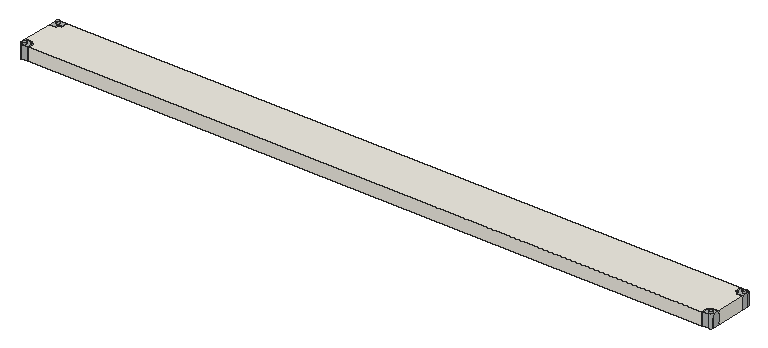
Revit family "HIGHTECH", category Осветительные приборы, Revit 2019 (continued)
Types (32, lengths in mm): name | Файл фотометрической сетки | built-in parameter 1150105 | Lumens | built-in parameter 1150106 | built-in parameter 1150142 | Wattage | Emit from Rectangle Width | Emit from Rectangle Length | Длина | Ширина | ADSK_Ток | ADSK_Полная мощность | ADSK_Обозначение | ADSK_Номинальная мощность | ADSK_Наименование | ADSK_Масса | ADSK_Код изделия
  Hightech-76/opal-sand 595х1195 (IP54, 4000К, белый) | "Светильник HIGHTECH-76 OPAL-SAND-(595x1195).IES" | 604.79 (stored number, unit not read) | 7600 lm | 6.0479 (stored number, unit not read) | "IESNA:LM-63-95\r\n[TEST] Протокол № 9\r\n[DATA]17.06.2016\r\n[MORE] \r\n[MANUFAC] ЗАО \"Центрстройсвет\"\r\n[LUMCAT]  Светильник CSVT HIGHTECH 76/OPAL-SAND-(595x1195)\r\n[LUMINAIRE]\r\n[LAMPCAT] Светодиоды\r\n[LAMP] Поток источника света (светодиодов) не известен\r\n[MORE] КСС приведена в абсолютных величинах кд\r\n[MORE] Вместо потока лампы, указан поток светильника.\r\nTILT=NONE\r\n1    7550 1.0 37 73 1 2 0.595 1.195 0.04\r\n1.0 1.0 74.9\r\n0.0 5.0 10.0 15.0 20.0 25.0 30.0 35.0 40.0 45.0 50.0 55.0 60.0 65.0 70.0 75.0 80.0 85.0 90.0 95.0 100.0 105.0 110.0 115.0 120.0 125.0 130.0 135.0 140.0 145.0 150.0 155.0 160.0 165.0 170.0 175.0 180.0\r\n0.0 5.0 10.0 15.0 20.0 25.0 30.0 35.0 40.0 45.0 50.0 55.0 60.0 65.0 70.0 75.0 80.0 85.0 90.0 95.0 100.0 105.0 110.0 115.0 120.0 125.0 130.0 135.0 140.0 145.0 150.0 155.0 160.0 165.0 170.0 175.0 180.0 185.0 190.0 195.0 200.0 205.0 210.0 215.0 220.0 225.0 230.0 235.0 240.0 245.0 250.0 255.0 260.0 265.0 270.0 275.0 280.0 285.0 290.0 295.0 300.0 305.0 310.0 315.0 320.0 325.0 330.0 335.0 340.0 345.0 350.0 355.0 360.0\r\n2801.4 2785.1 2737.6 2663.2 2562.0 2429.4 2290.6 2118.8 1925.9 1735.4 1535.0 1324.4 1112.9 901.8 690.7 489.4 303.1 133.0 17.7 0.1 0.0 0.0 0.0 0.0 0.0 0.0 0.0 0.0 0.0 0.0 0.1 0.0 0.0 0.0 0.0 0.0 0.0\r\n2801.4 2783.6 2740.4 2670.6 2563.2 2433.9 2284.8 2117.8 1931.7 1740.0 1531.7 1320.8 1111.8 900.3 688.8 487.1 302.0 131.8 17.4 0.1 0.0 0.0 0.0 0.0 0.0 0.0 0.0 0.0 0.0 0.1 0.2 0.0 0.0 0.0 0.0 0.0 0.0\r\n2801.4 2783.8 2740.1 2669.6 2559.8 2437.9 2282.9 2111.9 1930.5 1728.9 1531.4 1321.6 1111.6 899.1 686.0 486.5 299.7 131.3 16.8 0.0 0.0 0.0 0.0 0.0 0.0 0.0 0.0 0.0 0.0 0.2 0.2 0.0 0.0 0.0 0.0 0.0 0.0\r\n2801.4 2785.7 2740.9 2666.1 2563.1 2439.1 2281.6 2114.8 1927.2 1733.6 1527.4 1319.2 1106.4 894.2 684.5 484.4 297.8 130.0 15.9 0.0 0.0 0.0 0.0 0.0 0.0 0.0 0.0 0.0 0.0 0.2 0.2 0.0 0.0 0.0 0.0 0.0 0.0\r\n2801.4 2787.7 2735.0 2667.8 2565.9 2434.8 2279.5 2114.9 1929.7 1734.5 1529.4 1317.9 1103.8 893.2 684.3 483.2 295.6 129.2 15.3 0.0 0.0 0.0 0.0 0.0 0.0 0.0 0.0 0.0 0.0 0.2 0.3 0.0 0.0 0.0 0.0 0.0 0.0\r\n2801.4 2788.1 2737.0 2667.9 2568.6 2430.9 2285.5 2111.7 1926.2 1727.4 1528.1 1317.9 1105.0 892.3 683.4 483.3 294.5 128.2 14.9 0.0 0.0 0.0 0.0 0.0 0.0 0.0 0.0 0.0 0.0 0.2 0.3 0.0 0.0 0.0 0.0 0.0 0.0\r\n2801.4 2787.4 2739.0 2670.1 2564.0 2433.7 2278.9 2109.0 1926.1 1733.9 1524.6 1315.4 1104.0 890.7 681.8 479.4 293.8 128.0 14.6 0.0 0.0 0.0 0.0 0.0 0.0 0.0 0.0 0.0 0.0 0.1 0.3 0.1 0.0 0.0 0.0 0.0 0.0\r\n2801.4 2786.3 2739.7 2669.4 2557.4 2432.8 2277.6 2111.7 1931.1 1727.3 1525.2 1315.1 1102.2 889.6 681.4 479.6 291.8 127.8 14.2 0.0 0.0 0.0 0.0 0.0 0.0 0.0 0.0 0.0 0.0 0.1 0.3 0.2 0.0 0.0 0.0 0.0 0.0\r\n2801.4 2785.3 2742.5 2668.2 2563.1 2432.7 2280.9 2112.8 1924.8 1728.9 1524.9 1314.9 1101.8 890.7 677.5 480.9 291.0 127.5 13.7 0.0 0.0 0.0 0.0 0.0 0.0 0.0 0.0 0.0 0.0 0.0 0.3 0.2 0.0 0.0 0.0 0.0 0.0\r\n2801.4 2784.5 2742.4 2670.1 2562.6 2435.3 2283.6 2107.5 1924.8 1723.4 1524.0 1312.7 1101.8 886.6 680.9 477.5 290.9 127.4 13.2 0.0 0.0 0.0 0.0 0.0 0.0 0.0 0.0 0.0 0.0 0.0 0.2 0.2 0.0 0.0 0.0 0.0 0.0\r\n2801.4 2783.5 2743.9 2664.8 2565.6 2437.3 2287.2 2105.1 1922.5 1726.2 1522.2 1313.8 1100.7 888.5 679.6 476.6 290.4 127.0 12.5 0.0 0.0 0.0 0.0 0.0 0.0 0.0 0.0 0.0 0.0 0.0 0.2 0.3 0.0 0.0 0.0 0.0 0.0\r\n2801.4 2782.7 2742.5 2665.0 2564.3 2440.9 2278.7 2108.3 1920.9 1727.3 1521.8 1311.4 1099.6 888.9 677.4 478.3 289.0 127.4 12.0 0.0 0.0 0.0 0.0 0.0 0.0 0.0 0.0 0.0 0.0 0.0 0.2 0.4 0.0 0.0 0.0 0.0 0.0\r\n2801.4 2783.4 2743.4 2670.1 2565.6 2440.4 2281.8 2110.3 1923.2 1725.4 1520.9 1312.2 1097.8 887.1 679.8 476.2 289.6 126.5 11.0 0.0 0.0 0.0 0.0 0.0 0.0 0.0 0.0 0.0 0.0 0.0 0.2 0.5 0.0 0.0 0.0 0.0 0.0\r\n2801.4 2785.1 2742.5 2669.7 2568.0 2432.5 2279.3 2107.4 1924.9 1724.7 1522.4 1312.9 1100.4 886.8 678.4 476.6 291.0 125.4 10.2 0.0 0.0 0.0 0.0 0.0 0.0 0.0 0.0 0.0 0.0 0.0 0.2 0.5 0.0 0.0 0.0 0.0 0.0\r\n2801.4 2786.5 2740.0 2669.5 2575.5 2435.6 2280.3 2108.8 1922.7 1724.0 1526.1 1310.2 1095.3 887.4 677.8 477.5 287.8 127.4 10.0 0.0 0.0 0.0 0.0 0.0 0.0 0.0 0.0 0.0 0.0 0.0 0.2 0.6 0.0 0.0 0.0 0.0 0.0\r\n2801.4 2786.7 2740.5 2670.6 2573.0 2438.9 2275.4 2107.1 1917.0 1722.5 1517.4 1310.8 1097.8 887.0 678.6 476.7 287.7 127.4 9.4 0.0 0.0 0.0 0.0 0.0 0.0 0.0 0.0 0.0 0.0 0.0 0.1 0.7 0.0 0.0 0.0 0.0 0.0\r\n2801.4 2786.2 2741.4 2673.1 2574.2 2432.8 2279.2 2101.4 1922.2 1719.6 1519.1 1310.3 1098.5 884.9 676.9 471.5 290.5 126.8 9.3 0.0 0.0 0.0 0.0 0.0 0.0 0.0 0.0 0.0 0.0 0.0 0.1 0.7 0.0 0.0 0.0 0.0 0.0\r\n2801.4 2786.0 2743.7 2673.4 2579.7 2439.7 2280.3 2110.3 1920.8 1719.9 1524.4 1312.9 1099.7 886.3 677.8 474.8 288.9 127.4 9.7 0.0 0.0 0.0 0.0 0.0 0.0 0.0 0.0 0.0 0.0 0.0 0.1 0.8 0.0 0.0 0.0 0.0 0.0\r\n2801.4 2786.3 2742.9 2669.8 2577.9 2439.3 2277.0 2103.8 1922.6 1726.9 1519.1 1310.8 1097.5 886.4 677.5 472.8 288.8 128.0 9.4 0.0 0.0 0.0 0.0 0.0 0.0 0.0 0.0 0.0 0.0 0.0 0.1 0.8 0.0 0.0 0.0 0.0 0.0\r\n2801.4 2786.2 2743.1 2670.4 2578.2 2440.7 2276.9 2105.5 1923.0 1727.2 1519.6 1311.1 1096.4 886.5 676.9 471.9 288.6 128.0 9.3 0.0 0.0 0.0 0.0 0.0 0.0 0.0 0.0 0.0 0.0 0.0 0.1 0.8 0.0 0.0 0.0 0.0 0.0\r\n2801.4 2786.0 2743.4 2673.6 2579.2 2437.4 2278.9 2108.3 1921.0 1720.5 1524.2 1312.9 1099.5 886.0 678.5 475.2 288.9 127.7 9.7 0.0 0.0 0.0 0.0 0.0 0.0 0.0 0.0 0.0 0.0 0.0 0.1 0.7 0.0 0.0 0.0 0.0 0.0\r\n2801.4 2786.3 2741.0 2672.8 2573.1 2434.3 2279.9 2101.6 1921.5 1719.9 1519.4 1310.8 1098.8 884.7 676.7 472.2 290.2 126.2 9.4 0.0 0.0 0.0 0.0 0.0 0.0 0.0 0.0 0.0 0.0 0.0 0.1 0.7 0.0 0.0 0.0 0.0 0.0\r\n2801.4 2786.8 2740.4 2670.1 2573.6 2438.3 2275.9 2107.2 1916.7 1721.4 1517.2 1309.7 1098.4 887.4 678.7 476.2 288.5 127.3 9.4 0.0 0.0 0.0 0.0 0.0 0.0 0.0 0.0 0.0 0.0 0.0 0.1 0.6 0.0 0.0 0.0 0.0 0.0\r\n2801.4 2786.3 2740.2 2669.7 2574.4 2436.1 2280.1 2107.9 1924.3 1724.9 1525.9 1311.1 1095.1 886.7 677.5 477.8 288.0 127.4 10.0 0.0 0.0 0.0 0.0 0.0 0.0 0.0 0.0 0.0 0.0 0.0 0.2 0.6 0.0 0.0 0.0 0.0 0.0\r\n2801.4 2784.7 2743.1 2669.7 2567.5 2432.5 2279.9 2108.9 1923.1 1724.7 1522.2 1312.8 1100.6 887.2 678.1 477.5 290.2 125.6 10.4 0.0 0.0 0.0 0.0 0.0 0.0 0.0 0.0 0.0 0.0 0.0 0.2 0.5 0.0 0.0 0.0 0.0 0.0\r\n2801.4 2783.2 2743.0 2669.5 2565.0 2440.4 2281.5 2110.2 1924.6 1725.2 1522.4 1312.5 1097.6 887.6 680.6 475.2 290.4 126.5 11.2 0.0 0.0 0.0 0.0 0.0 0.0 0.0 0.0 0.0 0.0 0.0 0.2 0.4 0.0 0.0 0.0 0.0 0.0\r\n2801.4 2782.8 2742.8 2664.4 2564.0 2441.1 2277.9 2108.3 1919.7 1727.4 1521.6 1311.8 1099.5 888.9 677.5 478.6 288.7 127.4 12.1 0.0 0.0 0.0 0.0 0.0 0.0 0.0 0.0 0.0 0.0 0.0 0.2 0.3 0.0 0.0 0.0 0.0 0.0\r\n2801.4 2783.7 2743.7 2665.6 2565.3 2436.1 2288.3 2105.8 1923.1 1725.8 1522.5 1313.8 1101.5 888.8 678.9 476.9 290.5 127.1 12.8 0.0 0.0 0.0 0.0 0.0 0.0 0.0 0.0 0.0 0.0 0.0 0.2 0.2 0.0 0.0 0.0 0.0 0.0\r\n2801.4 2784.7 2742.3 2670.3 2562.8 2435.0 2284.0 2107.7 1924.6 1725.6 1523.4 1312.6 1101.1 886.4 681.5 477.7 291.1 127.3 13.4 0.0 0.0 0.0 0.0 0.0 0.0 0.0 0.0 0.0 0.0 0.0 0.3 0.2 0.0 0.0 0.0 0.0 0.0\r\n2801.4 2785.4 2742.2 2668.2 2562.5 2433.7 2279.9 2112.7 1926.2 1727.8 1524.6 1315.4 1102.1 890.8 677.5 481.1 290.8 127.7 13.8 0.0 0.0 0.0 0.0 0.0 0.0 0.0 0.0 0.0 0.0 0.1 0.3 0.2 0.0 0.0 0.0 0.0 0.0\r\n2801.4 2786.5 2739.3 2669.5 2557.0 2431.0 2277.2 2111.7 1930.1 1727.5 1526.2 1314.4 1102.1 889.6 681.7 479.6 292.4 127.8 14.3 0.0 0.0 0.0 0.0 0.0 0.0 0.0 0.0 0.0 0.0 0.1 0.3 0.1 0.0 0.0 0.0 0.0 0.0\r\n2801.4 2787.6 2738.8 2670.1 2566.8 2433.7 2280.1 2108.4 1926.6 1733.6 1526.4 1317.2 1105.5 890.9 682.2 479.7 293.8 128.0 14.7 0.0 0.0 0.0 0.0 0.0 0.0 0.0 0.0 0.0 0.0 0.1 0.3 0.1 0.0 0.0 0.0 0.0 0.0\r\n2801.4 2788.2 2736.3 2667.5 2567.1 2433.1 2285.2 2112.2 1926.5 1727.4 1526.8 1317.6 1104.6 893.0 683.4 483.8 294.8 128.4 14.9 0.0 0.0 0.0 0.0 0.0 0.0 0.0 0.0 0.0 0.0 0.2 0.3 0.0 0.0 0.0 0.0 0.0 0.0\r\n2801.4 2787.4 2735.7 2667.6 2565.5 2434.1 2279.6 2115.7 1929.9 1735.1 1528.5 1318.3 1103.7 893.8 684.5 483.3 295.8 129.3 15.4 0.0 0.0 0.0 0.0 0.0 0.0 0.0 0.0 0.0 0.0 0.2 0.2 0.0 0.0 0.0 0.0 0.0 0.0\r\n2801.4 2785.3 2741.4 2666.4 2562.5 2438.5 2281.4 2114.5 1927.8 1733.3 1529.6 1318.7 1107.1 894.2 684.8 484.7 298.3 130.2 16.2 0.0 0.0 0.0 0.0 0.0 0.0 0.0 0.0 0.0 0.0 0.2 0.2 0.0 0.0 0.0 0.0 0.0 0.0\r\n2801.4 2783.6 2740.0 2670.2 2560.3 2439.0 2281.8 2112.7 1930.5 1729.7 1531.4 1321.8 1111.6 899.4 686.5 487.0 300.1 131.4 17.0 0.0 0.0 0.0 0.0 0.0 0.0 0.0 0.0 0.0 0.0 0.2 0.2 0.0 0.0 0.0 0.0 0.0 0.0\r\n2801.4 2783.8 2740.1 2669.6 2563.6 2432.3 2286.0 2116.4 1932.0 1740.1 1531.9 1321.8 1112.6 901.0 689.2 487.4 302.2 132.0 17.6 0.1 0.0 0.0 0.0 0.0 0.0 0.0 0.0 0.0 0.0 0.1 0.1 0.0 0.0 0.0 0.0 0.0 0.0\r\n2801.4 2785.5 2737.1 2663.3 2561.8 2431.3 2291.7 2119.0 1926.3 1736.5 1535.0 1324.6 1112.8 901.5 690.9 489.7 303.6 133.1 17.8 0.1 0.0 0.0 0.0 0.0 0.0 0.0 0.0 0.0 0.0 0.0 0.0 0.0 0.0 0.0 0.0 0.0 0.0\r\n2801.4 2786.9 2737.3 2668.9 2562.8 2437.7 2285.9 2119.0 1936.6 1742.8 1535.6 1329.2 1117.7 904.4 692.0 490.7 304.9 134.5 18.0 0.1 0.0 0.0 0.0 0.0 0.0 0.0 0.0 0.0 0.0 0.0 0.0 0.0 0.0 0.0 0.0 0.0 0.0\r\n2801.4 2786.7 2739.2 2663.9 2564.2 2432.7 2285.5 2113.9 1936.0 1744.3 1537.9 1329.1 1118.6 903.3 695.7 492.3 305.8 136.0 18.2 0.1 0.0 0.0 0.0 0.0 0.0 0.0 0.0 0.0 0.1 0.1 0.0 0.0 0.0 0.0 0.0 0.0 0.0\r\n2801.4 2785.5 2737.3 2663.2 2568.9 2440.3 2284.0 2126.7 1933.3 1744.6 1539.5 1333.5 1118.0 906.0 695.8 495.1 307.2 137.4 18.3 0.1 0.0 0.0 0.0 0.0 0.0 0.0 0.0 0.0 0.1 0.1 0.0 0.0 0.0 0.0 0.0 0.0 0.0\r\n2801.4 2785.3 2737.3 2662.9 2556.7 2434.0 2287.7 2125.9 1937.9 1745.2 1542.6 1330.5 1120.7 907.0 698.9 495.4 307.6 138.6 18.4 0.1 0.0 0.0 0.0 0.0 0.0 0.0 0.0 0.0 0.0 0.1 0.0 0.0 0.0 0.0 0.0 0.0 0.0\r\n2801.4 2786.7 2737.3 2664.2 2562.9 2437.7 2287.7 2121.2 1939.3 1740.9 1541.9 1332.0 1124.0 908.1 702.4 497.7 307.1 139.5 18.6 0.0 0.0 0.0 0.0 0.0 0.0 0.0 0.0 0.0 0.0 0.1 0.0 0.0 0.0 0.0 0.0 0.0 0.0\r\n2801.4 2787.5 2735.9 2663.3 2561.5 2436.6 2283.6 2117.2 1939.2 1746.3 1547.1 1338.3 1124.5 911.0 701.3 497.4 308.3 140.6 18.4 0.0 0.0 0.0 0.0 0.0 0.0 0.0 0.0 0.0 0.1 0.1 0.0 0.0 0.0 0.0 0.0 0.0 0.0\r\n2801.4 2786.9 2736.7 2660.5 2562.5 2432.8 2285.7 2118.8 1939.9 1745.3 1546.5 1333.3 1126.2 911.7 701.7 498.6 308.5 140.4 18.3 0.0 0.0 0.0 0.0 0.0 0.0 0.0 0.0 0.0 0.0 0.1 0.0 0.0 0.0 0.0 0.0 0.0 0.0\r\n2801.4 2786.0 2740.0 2662.7 2561.6 2432.7 2285.4 2121.9 1941.7 1747.4 1545.5 1338.8 1126.5 911.1 703.5 499.5 309.2 140.5 18.1 0.0 0.0 0.0 0.0 0.0 0.0 0.0 0.0 0.0 0.0 0.0 0.0 0.0 0.0 0.0 0.0 0.0 0.0\r\n2801.4 2785.3 2740.1 2665.5 2560.9 2431.9 2280.7 2123.2 1944.4 1748.3 1546.5 1337.6 1128.1 912.6 703.2 500.1 308.6 141.7 17.7 0.0 0.0 0.0 0.0 0.0 0.0 0.0 0.0 0.0 0.1 0.0 0.0 0.0 0.0 0.0 0.0 0.0 0.0\r\n2801.4 2785.1 2738.3 2661.5 2554.3 2430.0 2287.1 2124.1 1942.5 1749.7 1550.8 1339.2 1127.5 913.7 702.5 498.5 311.4 141.4 16.8 0.0 0.0 0.0 0.0 0.0 0.0 0.0 0.0 0.1 0.2 0.0 0.0 0.0 0.0 0.0 0.0 0.0 0.0\r\n2801.4 2785.0 2740.3 2660.5 2557.0 2431.7 2284.0 2122.2 1942.5 1753.3 1548.2 1337.3 1128.7 914.1 703.2 500.9 309.3 141.9 16.2 0.0 0.0 0.0 0.0 0.0 0.0 0.0 0.0 0.2 0.2 0.0 0.0 0.0 0.0 0.0 0.0 0.0 0.0\r\n2801.4 2784.6 2737.5 2662.5 2558.0 2426.3 2287.7 2120.1 1942.9 1751.4 1551.8 1339.6 1128.3 914.0 703.1 503.4 308.4 142.2 15.6 0.0 0.0 0.0 0.0 0.0 0.0 0.0 0.0 0.2 0.3 0.0 0.0 0.0 0.0 0.0 0.0 0.0 0.0\r\n2801.4 2784.0 2737.3 2660.7 2555.7 2431.7 2286.2 2123.1 1945.1 1751.7 1549.2 1343.7 1129.3 916.9 706.1 500.5 311.7 143.4 15.2 0.0 0.0 0.0 0.0 0.0 0.0 0.0 0.1 0.2 0.4 0.0 0.0 0.0 0.0 0.0 0.0 0.0 0.0\r\n2801.4 2783.5 2739.6 2659.1 2549.2 2429.8 2289.3 2124.6 1942.0 1751.8 1547.5 1338.7 1129.6 916.1 706.0 502.1 311.0 142.5 15.1 0.0 0.0 0.0 0.0 0.0 0.0 0.0 0.1 0.2 0.4 0.0 0.0 0.0 0.0 0.0 0.0 0.0 0.0\r\n2801.4 2783.5 2738.2 2659.1 2551.1 2429.3 2285.5 2122.0 1945.1 1752.3 1552.7 1345.3 1130.2 916.9 708.9 501.2 310.1 144.3 15.1 0.0 0.0 0.0 0.0 0.0 0.0 0.0 0.1 0.3 0.4 0.0 0.0 0.0 0.0 0.0 0.0 0.0 0.0\r\n2801.4 2784.2 2738.8 2660.6 2548.9 2425.4 2284.7 2124.8 1944.3 1749.7 1549.0 1340.8 1132.0 920.4 709.2 500.6 312.3 145.6 14.8 0.0 0.0 0.0 0.0 0.0 0.0 0.0 0.2 0.3 0.4 0.0 0.0 0.0 0.0 0.0 0.0 0.0 0.0\r\n2801.4 2785.1 2739.0 2658.3 2548.0 2430.3 2287.7 2128.7 1944.8 1755.6 1552.9 1344.8 1127.7 918.2 708.1 501.1 310.9 143.6 14.3 0.0 0.0 0.0 0.0 0.0 0.0 0.0 0.2 0.2 0.4 0.0 0.0 0.0 0.0 0.0 0.0 0.0 0.0\r\n2801.4 2785.0 2739.0 2659.4 2548.6 2430.6 2288.4 2129.0 1946.0 1755.7 1553.6 1344.8 1125.6 916.3 706.8 500.7 309.9 143.0 14.3 0.0 0.0 0.0 0.0 0.0 0.0 0.0 0.2 0.2 0.4 0.0 0.0 0.0 0.0 0.0 0.0 0.0 0.0\r\n2801.4 2784.1 2738.5 2660.1 2548.7 2426.1 2284.6 2124.3 1944.6 1750.2 1548.5 1341.2 1132.9 920.6 709.6 500.8 312.6 145.6 14.8 0.0 0.0 0.0 0.0 0.0 0.0 0.0 0.2 0.3 0.4 0.0 0.0 0.0 0.0 0.0 0.0 0.0 0.0\r\n2801.4 2783.5 2738.5 2659.2 2551.9 2429.0 2285.2 2123.1 1944.2 1752.7 1554.1 1344.7 1129.6 917.7 709.3 501.3 310.2 144.4 14.9 0.0 0.0 0.0 0.0 0.0 0.0 0.0 0.1 0.3 0.4 0.0 0.0 0.0 0.0 0.0 0.0 0.0 0.0\r\n2801.4 2783.5 2739.5 2659.3 2548.8 2429.7 2289.5 2124.0 1941.5 1750.2 1546.8 1338.9 1130.1 915.3 705.9 502.4 309.9 142.5 15.3 0.0 0.0 0.0 0.0 0.0 0.0 0.0 0.1 0.2 0.4 0.0 0.0 0.0 0.0 0.0 0.0 0.0 0.0\r\n2801.4 2784.1 2736.6 2661.3 2556.7 2431.5 2285.9 2122.0 1945.8 1752.1 1549.3 1343.5 1129.1 916.9 705.5 500.2 312.6 142.8 15.3 0.0 0.0 0.0 0.0 0.0 0.0 0.0 0.0 0.2 0.4 0.0 0.0 0.0 0.0 0.0 0.0 0.0 0.0\r\n2801.4 2784.7 2738.2 2662.1 2558.6 2427.2 2287.5 2120.9 1941.9 1750.0 1550.5 1339.6 1127.8 914.1 703.8 502.7 308.6 142.3 15.6 0.0 0.0 0.0 0.0 0.0 0.0 0.0 0.0 0.2 0.2 0.0 0.0 0.0 0.0 0.0 0.0 0.0 0.0\r\n2801.4 2785.0 2740.0 2660.6 2556.4 2430.7 2282.5 2122.9 1942.2 1754.8 1549.0 1337.6 1128.6 914.4 701.8 501.3 309.2 141.9 16.3 0.0 0.0 0.0 0.0 0.0 0.0 0.0 0.0 0.1 0.2 0.0 0.0 0.0 0.0 0.0 0.0 0.0 0.0\r\n2801.4 2785.1 2738.3 2661.9 2554.4 2431.0 2289.2 2123.3 1943.9 1748.6 1550.3 1339.2 1127.2 913.4 702.6 498.5 311.2 141.1 17.0 0.0 0.0 0.0 0.0 0.0 0.0 0.0 0.0 0.1 0.2 0.0 0.0 0.0 0.0 0.0 0.0 0.0 0.0\r\n2801.4 2785.4 2740.5 2665.8 2562.2 2431.4 2279.8 2124.1 1942.8 1748.1 1547.0 1337.3 1128.6 912.0 703.8 498.9 308.4 141.7 17.7 0.0 0.0 0.0 0.0 0.0 0.0 0.0 0.0 0.0 0.1 0.0 0.0 0.0 0.0 0.0 0.0 0.0 0.0\r\n2801.4 2786.1 2739.5 2661.5 2562.2 2433.4 2285.9 2120.6 1941.9 1748.4 1543.7 1338.3 1125.8 911.4 701.9 500.5 309.1 140.4 18.2 0.0 0.0 0.0 0.0 0.0 0.0 0.0 0.0 0.0 0.0 0.0 0.0 0.0 0.0 0.0 0.0 0.0 0.0\r\n2801.4 2787.1 2736.2 2661.1 2560.8 2433.8 2284.0 2117.5 1940.0 1745.1 1547.1 1333.3 1125.8 911.1 702.0 498.1 308.3 140.4 18.3 0.0 0.0 0.0 0.0 0.0 0.0 0.0 0.0 0.0 0.1 0.1 0.0 0.0 0.0 0.0 0.0 0.0 0.0\r\n2801.4 2787.5 2736.1 2663.6 2563.1 2435.4 2286.8 2118.9 1937.6 1745.6 1546.6 1337.6 1124.9 911.1 701.8 497.2 308.0 140.5 18.5 0.0 0.0 0.0 0.0 0.0 0.0 0.0 0.0 0.0 0.1 0.1 0.0 0.0 0.0 0.0 0.0 0.0 0.0\r\n2801.4 2786.4 2737.4 2664.5 2561.6 2437.6 2286.9 2120.4 1940.7 1741.5 1541.1 1331.6 1123.8 907.4 701.2 497.3 307.1 139.3 18.6 0.0 0.0 0.0 0.0 0.0 0.0 0.0 0.0 0.0 0.0 0.1 0.0 0.0 0.0 0.0 0.0 0.0 0.0\r\n2801.4 2785.2 2737.3 2662.3 2558.2 2435.6 2286.1 2124.6 1937.9 1744.7 1543.5 1330.0 1120.0 906.2 698.7 495.4 307.5 138.5 18.4 0.1 0.0 0.0 0.0 0.0 0.0 0.0 0.0 0.0 0.0 0.1 0.0 0.0 0.0 0.0 0.0 0.0 0.0\r\n2801.4 2785.6 2737.6 2663.6 2569.0 2439.1 2285.2 2127.4 1933.6 1743.5 1538.8 1334.1 1117.6 906.5 695.9 494.5 307.0 137.1 18.3 0.1 0.0 0.0 0.0 0.0 0.0 0.0 0.0 0.0 0.1 0.1 0.0 0.0 0.0 0.0 0.0 0.0 0.0\r\n2801.4 2786.9 2739.1 2664.5 2563.5 2433.2 2284.7 2114.5 1934.4 1744.1 1538.1 1328.4 1118.8 902.8 695.1 492.0 305.7 135.6 18.2 0.1 0.0 0.0 0.0 0.0 0.0 0.0 0.0 0.0 0.1 0.1 0.0 0.0 0.0 0.0 0.0 0.0 0.0\r\n2801.4 2786.8 2737.0 2668.8 2562.8 2437.8 2286.5 2117.8 1937.3 1743.3 1534.3 1328.6 1116.9 903.7 691.6 490.4 304.7 134.2 17.9 0.1 0.0 0.0 0.0 0.0 0.0 0.0 0.0 0.0 0.0 0.0 0.0 0.0 0.0 0.0 0.0 0.0 0.0\r\n2801.4 2785.1 2737.6 2663.2 2562.0 2429.4 2290.6 2118.8 1925.9 1735.4 1535.0 1324.4 1112.9 901.8 690.7 489.4 303.1 133.0 17.7 0.1 0.0 0.0 0.0 0.0 0.0 0.0 0.0 0.0 0.0 0.0 0.1 0.0 0.0 0.0 0.0 0.0 0.0\r\n" | 51.164 W | 555 | 115
    5 | 1195 | 595 | 0.359168 A | 82.6087 VA | "Hightech-76/opal-sand 595х1195 (IP54, 4000К, белый)" | 76 W | "Универсальный светодиодный светильник Hightech-76/opal-sand 595х1195 (IP54, 4000К, белый)" | 5 | "ЦБ000007618"
